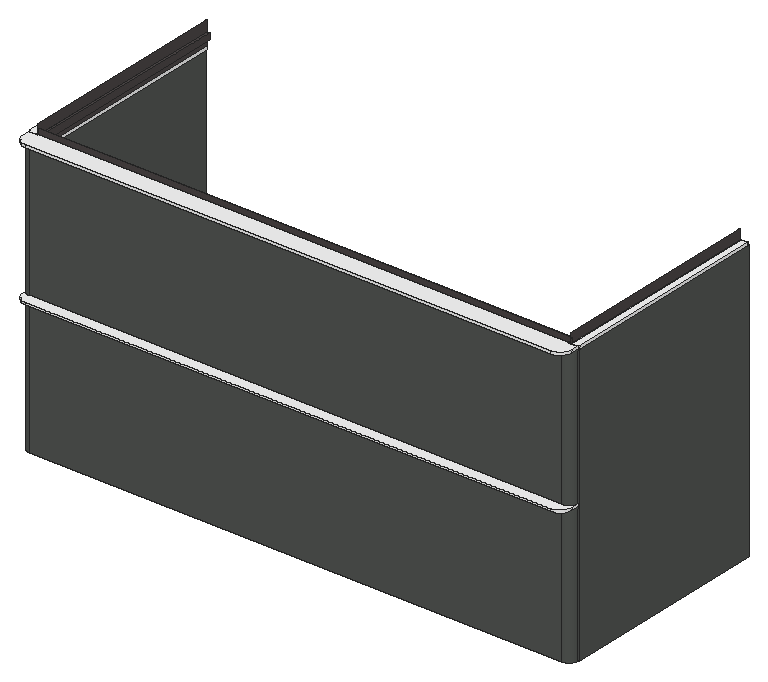
Revit family "vanity unit with 2 drawers", category Furniture, Revit 2019 (continued)
  Vanity unit 780_475 with 2 drawers for washbasin-54029670-Natural Oak-MATT_BLACK-200 | "33.3" | no | no | no | no | no | no | no | no | no | no | no | no | no | no | no | no | no | no | no | no | no | no | no | no | no | no | no | no | no | no | no | no | no | yes | no | no | no | no | no | no | no | no | no | no | no | no | no | no | no | no | no | no | no | no | no | no | no | no | no | no | no | no | no | no | no | no | no | no | no | no | no | no | no | no | no | no | no | no | no | no | no | no | no | no | no | no | no | no | no | no | no | no | no | no | no | no | no | no | no | no | no | no | no | no | no | no | no | no | no | no | no | no | no | no | no | no | no | no | no | no | "MATT_BLACK" | "https://pro.hansgrohe.com/articledetail--54029000" | "54029XXX" | "Natural Oak" | "Vanity unit 780/475 with 2 drawers for washbasin-54029670-Natural Oak-MATT_BLACK-200" | "Xelu Q Vanity unit Natural Oak 780/475 with 2 drawers for washbasin" | "Vanity unit 780/475 with 2 drawers for washbasin-54029670-Natural Oak-MATT_BLACK-200" | "{$CADENAS_DATA/23d-libs/hansgrohe/xelu_furniture/vanity_unit_2_drawers_basin/vanity_unit_with_2_drawers_for_basin.prj},337 {VTYP=3D},{NB=Vanity unit 780/475 with 2 drawers for washbasin-54029670-Natural Oak-MATT_BLACK-200},{LINA=Vanity unit 780/475 with 2 drawers for washbasin-54029670-Natural Oak-MATT_BLACK-200},{NN=Vanity Unit with 2 Drawers},{DATE=10.03.2023 08:13:12},{GEOMDATE=08.03.2023 13:51:26},{VERSION=},{LINEID=320},{WBVAR=LODLEVEL},{WBNUMERIC=}  {NB=Vanity unit 780/475 with 2 drawers for washbasin-54029670-Natural Oak-MATT_BLACK-200},{LINA=Vanity unit 780/475 with 2 drawers for washbasin-54029670-Natural Oak-MATT_BLACK-200},{KT=DUMMY},{IDNR=32},{ARTNR=54029670},{BASENUMBER=Vanity unit 780/475 with 2 drawers for washbasin},{MODEL=54029XXX},{OBERFLAECHE=Natural Oak},{SURFACE=MATT_BLACK},{L=780},{LODLEVEL=200},{LODLEVELX='400','400','200','200'},{NAME=Xelu Q Vanity unit Natural Oak 780/475 with 2 drawers for washbasin},{PERMALINK=54029XXX},{OBJECTTYPE=Object (single object)},{BIMOBJECT=Sanitary: Compound units},{PRODUCTFAMILY=Xelu Q},{PRODUCTGROUP=vanity unit},{WEIGHT=33.3},{DESCRIPTION=Xelu Q Vanity unit Natural Oak 780/475 with 2 drawers for washbasin},{SPECIFICATION=},{PRODUCTURL=https://pro.hansgrohe.com/articledetail--54029000},{GTINCODE=4059625455487},{TENDERURL=},{IFC=Furnishing element},{ETIM=EC011381 | Bathroom furniture set},{UNICLASS2015=Pr_40_30_78_05 | Bathroom furniture},{OMNICLASS=23-21 19 15 33 13 | Residential Bathroom Specialty Casework},{MASTERFORMAT=12 35 30.23 | Bathroom Casework},{UNSPSC=56 | Furniture and Furnishings},{UNIFORMATII=E2010 | Fixed Furnishings},{REGIONSET=Worldwide},{DESIGN=Germany},{MANUFACTURER=Germany}" | "200" | "Vanity unit 780/475 with 2 drawers for washbasin-54029670-Natural Oak-MATT_BLACK-200" | 780 | "4059625455487" | "Vanity unit 780/475 with 2 drawers for washbasin" | "54029670"
  Vanity unit 780_475 with 2 drawers for washbasin-54029670-Natural Oak-MATT_BLACK-400 | "33.3" | no | no | no | no | no | no | no | no | no | no | no | no | no | no | no | no | no | no | no | no | no | no | no | no | no | no | no | no | no | no | no | no | yes | no | no | no | no | no | no | no | no | no | no | no | no | no | no | no | no | no | no | no | no | no | no | no | no | no | no | no | no | no | no | no | no | no | no | no | no | no | no | no | no | no | no | no | no | no | no | no | no | no | no | no | no | no | no | no | no | no | no | no | no | no | no | no | no | no | no | no | no | no | no | no | no | no | no | no | no | no | no | no | no | no | no | no | no | no | no | no | "MATT_BLACK" | "https://pro.hansgrohe.com/articledetail--54029000" | "54029XXX" | "Natural Oak" | "Vanity unit 780/475 with 2 drawers for washbasin-54029670-Natural Oak-MATT_BLACK-400" | "Xelu Q Vanity unit Natural Oak 780/475 with 2 drawers for washbasin" | "Vanity unit 780/475 with 2 drawers for washbasin-54029670-Natural Oak-MATT_BLACK-400" | "{$CADENAS_DATA/23d-libs/hansgrohe/xelu_furniture/vanity_unit_2_drawers_basin/vanity_unit_with_2_drawers_for_basin.prj},337 {VTYP=3D},{NB=Vanity unit 780/475 with 2 drawers for washbasin-54029670-Natural Oak-MATT_BLACK-400},{LINA=Vanity unit 780/475 with 2 drawers for washbasin-54029670-Natural Oak-MATT_BLACK-400},{NN=Vanity Unit with 2 Drawers},{DATE=10.03.2023 08:13:12},{GEOMDATE=08.03.2023 13:51:26},{VERSION=},{LINEID=320},{WBVAR=LODLEVEL},{WBNUMERIC=}  {NB=Vanity unit 780/475 with 2 drawers for washbasin-54029670-Natural Oak-MATT_BLACK-400},{LINA=Vanity unit 780/475 with 2 drawers for washbasin-54029670-Natural Oak-MATT_BLACK-400},{KT=DUMMY},{IDNR=32},{ARTNR=54029670},{BASENUMBER=Vanity unit 780/475 with 2 drawers for washbasin},{MODEL=54029XXX},{OBERFLAECHE=Natural Oak},{SURFACE=MATT_BLACK},{L=780},{LODLEVEL=400},{LODLEVELX='400','400','200','200'},{NAME=Xelu Q Vanity unit Natural Oak 780/475 with 2 drawers for washbasin},{PERMALINK=54029XXX},{OBJECTTYPE=Object (single object)},{BIMOBJECT=Sanitary: Compound units},{PRODUCTFAMILY=Xelu Q},{PRODUCTGROUP=vanity unit},{WEIGHT=33.3},{DESCRIPTION=Xelu Q Vanity unit Natural Oak 780/475 with 2 drawers for washbasin},{SPECIFICATION=},{PRODUCTURL=https://pro.hansgrohe.com/articledetail--54029000},{GTINCODE=4059625455487},{TENDERURL=},{IFC=Furnishing element},{ETIM=EC011381 | Bathroom furniture set},{UNICLASS2015=Pr_40_30_78_05 | Bathroom furniture},{OMNICLASS=23-21 19 15 33 13 | Residential Bathroom Specialty Casework},{MASTERFORMAT=12 35 30.23 | Bathroom Casework},{UNSPSC=56 | Furniture and Furnishings},{UNIFORMATII=E2010 | Fixed Furnishings},{REGIONSET=Worldwide},{DESIGN=Germany},{MANUFACTURER=Germany}" | "400" | "Vanity unit 780/475 with 2 drawers for washbasin-54029670-Natural Oak-MATT_BLACK-400" | 780 | "4059625455487" | "Vanity unit 780/475 with 2 drawers for washbasin" | "54029670"
  Vanity unit 780_475 with 2 drawers for washbasin-54029700-Natural Oak-MATT_WHITE-200 | "33.3" | no | no | no | no | no | no | no | no | no | no | no | no | no | no | no | no | no | no | no | no | no | no | no | no | no | no | no | no | no | no | no | yes | no | no | no | no | no | no | no | no | no | no | no | no | no | no | no | no | no | no | no | no | no | no | no | no | no | no | no | no | no | no | no | no | no | no | no | no | no | no | no | no | no | no | no | no | no | no | no | no | no | no | no | no | no | no | no | no | no | no | no | no | no | no | no | no | no | no | no | no | no | no | no | no | no | no | no | no | no | no | no | no | no | no | no | no | no | no | no | no | "MATT_WHITE" | "https://pro.hansgrohe.com/articledetail--54029000" | "54029XXX" | "Natural Oak" | "Vanity unit 780/475 with 2 drawers for washbasin-54029700-Natural Oak-MATT_WHITE-200" | "Xelu Q Vanity unit Natural Oak 780/475 with 2 drawers for washbasin" | "Vanity unit 780/475 with 2 drawers for washbasin-54029700-Natural Oak-MATT_WHITE-200" | "{$CADENAS_DATA/23d-libs/hansgrohe/xelu_furniture/vanity_unit_2_drawers_basin/vanity_unit_with_2_drawers_for_basin.prj},337 {VTYP=3D},{NB=Vanity unit 780/475 with 2 drawers for washbasin-54029700-Natural Oak-MATT_WHITE-200},{LINA=Vanity unit 780/475 with 2 drawers for washbasin-54029700-Natural Oak-MATT_WHITE-200},{NN=Vanity Unit with 2 Drawers},{DATE=10.03.2023 08:13:12},{GEOMDATE=08.03.2023 13:51:26},{VERSION=},{LINEID=330},{WBVAR=LODLEVEL},{WBNUMERIC=}  {NB=Vanity unit 780/475 with 2 drawers for washbasin-54029700-Natural Oak-MATT_WHITE-200},{LINA=Vanity unit 780/475 with 2 drawers for washbasin-54029700-Natural Oak-MATT_WHITE-200},{KT=DUMMY},{IDNR=33},{ARTNR=54029700},{BASENUMBER=Vanity unit 780/475 with 2 drawers for washbasin},{MODEL=54029XXX},{OBERFLAECHE=Natural Oak},{SURFACE=MATT_WHITE},{L=780},{LODLEVEL=200},{LODLEVELX='400','400','200','200'},{NAME=Xelu Q Vanity unit Natural Oak 780/475 with 2 drawers for washbasin},{PERMALINK=54029XXX},{OBJECTTYPE=Object (single object)},{BIMOBJECT=Sanitary: Compound units},{PRODUCTFAMILY=Xelu Q},{PRODUCTGROUP=vanity unit},{WEIGHT=33.3},{DESCRIPTION=Xelu Q Vanity unit Natural Oak 780/475 with 2 drawers for washbasin},{SPECIFICATION=},{PRODUCTURL=https://pro.hansgrohe.com/articledetail--54029000},{GTINCODE=4059625455487},{TENDERURL=},{IFC=Furnishing element},{ETIM=EC011381 | Bathroom furniture set},{UNICLASS2015=Pr_40_30_78_05 | Bathroom furniture},{OMNICLASS=23-21 19 15 33 13 | Residential Bathroom Specialty Casework},{MASTERFORMAT=12 35 30.23 | Bathroom Casework},{UNSPSC=56 | Furniture and Furnishings},{UNIFORMATII=E2010 | Fixed Furnishings},{REGIONSET=Worldwide},{DESIGN=Germany},{MANUFACTURER=Germany}" | "200" | "Vanity unit 780/475 with 2 drawers for washbasin-54029700-Natural Oak-MATT_WHITE-200" | 780 | "4059625455487" | "Vanity unit 780/475 with 2 drawers for washbasin" | "54029700"
  Vanity unit 780_475 with 2 drawers for washbasin-54029700-Natural Oak-MATT_WHITE-400 | "33.3" | no | no | no | no | no | no | no | no | no | no | no | no | no | no | no | no | no | no | no | no | no | no | no | no | no | no | no | no | no | no | yes | no | no | no | no | no | no | no | no | no | no | no | no | no | no | no | no | no | no | no | no | no | no | no | no | no | no | no | no | no | no | no | no | no | no | no | no | no | no | no | no | no | no | no | no | no | no | no | no | no | no | no | no | no | no | no | no | no | no | no | no | no | no | no | no | no | no | no | no | no | no | no | no | no | no | no | no | no | no | no | no | no | no | no | no | no | no | no | no | no | "MATT_WHITE" | "https://pro.hansgrohe.com/articledetail--54029000" | "54029XXX" | "Natural Oak" | "Vanity unit 780/475 with 2 drawers for washbasin-54029700-Natural Oak-MATT_WHITE-400" | "Xelu Q Vanity unit Natural Oak 780/475 with 2 drawers for washbasin" | "Vanity unit 780/475 with 2 drawers for washbasin-54029700-Natural Oak-MATT_WHITE-400" | "{$CADENAS_DATA/23d-libs/hansgrohe/xelu_furniture/vanity_unit_2_drawers_basin/vanity_unit_with_2_drawers_for_basin.prj},337 {VTYP=3D},{NB=Vanity unit 780/475 with 2 drawers for washbasin-54029700-Natural Oak-MATT_WHITE-400},{LINA=Vanity unit 780/475 with 2 drawers for washbasin-54029700-Natural Oak-MATT_WHITE-400},{NN=Vanity Unit with 2 Drawers},{DATE=10.03.2023 08:13:12},{GEOMDATE=08.03.2023 13:51:26},{VERSION=},{LINEID=330},{WBVAR=LODLEVEL},{WBNUMERIC=}  {NB=Vanity unit 780/475 with 2 drawers for washbasin-54029700-Natural Oak-MATT_WHITE-400},{LINA=Vanity unit 780/475 with 2 drawers for washbasin-54029700-Natural Oak-MATT_WHITE-400},{KT=DUMMY},{IDNR=33},{ARTNR=54029700},{BASENUMBER=Vanity unit 780/475 with 2 drawers for washbasin},{MODEL=54029XXX},{OBERFLAECHE=Natural Oak},{SURFACE=MATT_WHITE},{L=780},{LODLEVEL=400},{LODLEVELX='400','400','200','200'},{NAME=Xelu Q Vanity unit Natural Oak 780/475 with 2 drawers for washbasin},{PERMALINK=54029XXX},{OBJECTTYPE=Object (single object)},{BIMOBJECT=Sanitary: Compound units},{PRODUCTFAMILY=Xelu Q},{PRODUCTGROUP=vanity unit},{WEIGHT=33.3},{DESCRIPTION=Xelu Q Vanity unit Natural Oak 780/475 with 2 drawers for washbasin},{SPECIFICATION=},{PRODUCTURL=https://pro.hansgrohe.com/articledetail--54029000},{GTINCODE=4059625455487},{TENDERURL=},{IFC=Furnishing element},{ETIM=EC011381 | Bathroom furniture set},{UNICLASS2015=Pr_40_30_78_05 | Bathroom furniture},{OMNICLASS=23-21 19 15 33 13 | Residential Bathroom Specialty Casework},{MASTERFORMAT=12 35 30.23 | Bathroom Casework},{UNSPSC=56 | Furniture and Furnishings},{UNIFORMATII=E2010 | Fixed Furnishings},{REGIONSET=Worldwide},{DESIGN=Germany},{MANUFACTURER=Germany}" | "400" | "Vanity unit 780/475 with 2 drawers for washbasin-54029700-Natural Oak-MATT_WHITE-400" | 780 | "4059625455487" | "Vanity unit 780/475 with 2 drawers for washbasin" | "54029700"
  Vanity unit 780_475 with 2 drawers for washbasin-54030000-Dark Walnut-CHROME-200 | "33.3" | no | no | no | no | no | no | no | no | no | no | no | no | no | no | no | no | no | no | no | no | no | no | no | no | no | no | no | no | no | yes | no | no | no | no | no | no | no | no | no | no | no | no | no | no | no | no | no | no | no | no | no | no | no | no | no | no | no | no | no | no | no | no | no | no | no | no | no | no | no | no | no | no | no | no | no | no | no | no | no | no | no | no | no | no | no | no | no | no | no | no | no | no | no | no | no | no | no | no | no | no | no | no | no | no | no | no | no | no | no | no | no | no | no | no | no | no | no | no | no | no | "CHROME" | "https://pro.hansgrohe.com/articledetail--54030000" | "54030XXX" | "Dark Walnut" | "Vanity unit 780/475 with 2 drawers for washbasin-54030000-Dark Walnut-CHROME-200" | "Xelu Q Vanity unit Dark Walnut 780/475 with 2 drawers for washbasin" | "Vanity unit 780/475 with 2 drawers for washbasin-54030000-Dark Walnut-CHROME-200" | "{$CADENAS_DATA/23d-libs/hansgrohe/xelu_furniture/vanity_unit_2_drawers_basin/vanity_unit_with_2_drawers_for_basin.prj},329 {VTYP=3D},{NB=Vanity unit 780/475 with 2 drawers for washbasin-54030000-Dark Walnut-CHROME-200},{LINA=Vanity unit 780/475 with 2 drawers for washbasin-54030000-Dark Walnut-CHROME-200},{NN=Vanity Unit with 2 Drawers},{DATE=10.03.2023 08:13:12},{GEOMDATE=08.03.2023 13:51:26},{VERSION=},{LINEID=360},{WBVAR=LODLEVEL},{WBNUMERIC=}  {NB=Vanity unit 780/475 with 2 drawers for washbasin-54030000-Dark Walnut-CHROME-200},{LINA=Vanity unit 780/475 with 2 drawers for washbasin-54030000-Dark Walnut-CHROME-200},{KT=DUMMY},{IDNR=36},{ARTNR=54030000},{BASENUMBER=Vanity unit 780/475 with 2 drawers for washbasin},{MODEL=54030XXX},{OBERFLAECHE=Dark Walnut},{SURFACE=CHROME},{L=780},{LODLEVEL=200},{LODLEVELX='400','400','200','200'},{NAME=Xelu Q Vanity unit Dark Walnut 780/475 with 2 drawers for washbasin},{PERMALINK=54030XXX},{OBJECTTYPE=Object (single object)},{BIMOBJECT=Sanitary: Compound units},{PRODUCTFAMILY=Xelu Q},{PRODUCTGROUP=vanity unit},{WEIGHT=33.3},{DESCRIPTION=Xelu Q Vanity unit Dark Walnut 780/475 with 2 drawers for washbasin},{SPECIFICATION=},{PRODUCTURL=https://pro.hansgrohe.com/articledetail--54030000},{GTINCODE=4059625455456},{TENDERURL=},{IFC=Furnishing element},{ETIM=EC011381 | Bathroom furniture set},{UNICLASS2015=Pr_40_30_78_05 | Bathroom furniture},{OMNICLASS=23-21 19 15 33 13 | Residential Bathroom Specialty Casework},{MASTERFORMAT=12 35 30.23 | Bathroom Casework},{UNSPSC=56 | Furniture and Furnishings},{UNIFORMATII=E2010 | Fixed Furnishings},{REGIONSET=Worldwide},{DESIGN=Germany},{MANUFACTURER=Germany}" | "200" | "Vanity unit 780/475 with 2 drawers for washbasin-54030000-Dark Walnut-CHROME-200" | 780 | "4059625455456" | "Vanity unit 780/475 with 2 drawers for washbasin" | "54030000"
  Vanity unit 780_475 with 2 drawers for washbasin-54030000-Dark Walnut-CHROME-400 | "33.3" | no | no | no | no | no | no | no | no | no | no | no | no | no | no | no | no | no | no | no | no | no | no | no | no | no | no | no | no | yes | no | no | no | no | no | no | no | no | no | no | no | no | no | no | no | no | no | no | no | no | no | no | no | no | no | no | no | no | no | no | no | no | no | no | no | no | no | no | no | no | no | no | no | no | no | no | no | no | no | no | no | no | no | no | no | no | no | no | no | no | no | no | no | no | no | no | no | no | no | no | no | no | no | no | no | no | no | no | no | no | no | no | no | no | no | no | no | no | no | no | no | "CHROME" | "https://pro.hansgrohe.com/articledetail--54030000" | "54030XXX" | "Dark Walnut" | "Vanity unit 780/475 with 2 drawers for washbasin-54030000-Dark Walnut-CHROME-400" | "Xelu Q Vanity unit Dark Walnut 780/475 with 2 drawers for washbasin" | "Vanity unit 780/475 with 2 drawers for washbasin-54030000-Dark Walnut-CHROME-400" | "{$CADENAS_DATA/23d-libs/hansgrohe/xelu_furniture/vanity_unit_2_drawers_basin/vanity_unit_with_2_drawers_for_basin.prj},329 {VTYP=3D},{NB=Vanity unit 780/475 with 2 drawers for washbasin-54030000-Dark Walnut-CHROME-400},{LINA=Vanity unit 780/475 with 2 drawers for washbasin-54030000-Dark Walnut-CHROME-400},{NN=Vanity Unit with 2 Drawers},{DATE=10.03.2023 08:13:12},{GEOMDATE=08.03.2023 13:51:26},{VERSION=},{LINEID=360},{WBVAR=LODLEVEL},{WBNUMERIC=}  {NB=Vanity unit 780/475 with 2 drawers for washbasin-54030000-Dark Walnut-CHROME-400},{LINA=Vanity unit 780/475 with 2 drawers for washbasin-54030000-Dark Walnut-CHROME-400},{KT=DUMMY},{IDNR=36},{ARTNR=54030000},{BASENUMBER=Vanity unit 780/475 with 2 drawers for washbasin},{MODEL=54030XXX},{OBERFLAECHE=Dark Walnut},{SURFACE=CHROME},{L=780},{LODLEVEL=400},{LODLEVELX='400','400','200','200'},{NAME=Xelu Q Vanity unit Dark Walnut 780/475 with 2 drawers for washbasin},{PERMALINK=54030XXX},{OBJECTTYPE=Object (single object)},{BIMOBJECT=Sanitary: Compound units},{PRODUCTFAMILY=Xelu Q},{PRODUCTGROUP=vanity unit},{WEIGHT=33.3},{DESCRIPTION=Xelu Q Vanity unit Dark Walnut 780/475 with 2 drawers for washbasin},{SPECIFICATION=},{PRODUCTURL=https://pro.hansgrohe.com/articledetail--54030000},{GTINCODE=4059625455456},{TENDERURL=},{IFC=Furnishing element},{ETIM=EC011381 | Bathroom furniture set},{UNICLASS2015=Pr_40_30_78_05 | Bathroom furniture},{OMNICLASS=23-21 19 15 33 13 | Residential Bathroom Specialty Casework},{MASTERFORMAT=12 35 30.23 | Bathroom Casework},{UNSPSC=56 | Furniture and Furnishings},{UNIFORMATII=E2010 | Fixed Furnishings},{REGIONSET=Worldwide},{DESIGN=Germany},{MANUFACTURER=Germany}" | "400" | "Vanity unit 780/475 with 2 drawers for washbasin-54030000-Dark Walnut-CHROME-400" | 780 | "4059625455456" | "Vanity unit 780/475 with 2 drawers for washbasin" | "54030000"
  Vanity unit 780_475 with 2 drawers for washbasin-54030670-Dark Walnut-MATT_BLACK-200 | "33.3" | no | no | no | no | no | no | no | no | no | no | no | no | no | no | no | no | no | no | no | no | no | no | no | no | no | no | no | yes | no | no | no | no | no | no | no | no | no | no | no | no | no | no | no | no | no | no | no | no | no | no | no | no | no | no | no | no | no | no | no | no | no | no | no | no | no | no | no | no | no | no | no | no | no | no | no | no | no | no | no | no | no | no | no | no | no | no | no | no | no | no | no | no | no | no | no | no | no | no | no | no | no | no | no | no | no | no | no | no | no | no | no | no | no | no | no | no | no | no | no | no | "MATT_BLACK" | "https://pro.hansgrohe.com/articledetail--54030000" | "54030XXX" | "Dark Walnut" | "Vanity unit 780/475 with 2 drawers for washbasin-54030670-Dark Walnut-MATT_BLACK-200" | "Xelu Q Vanity unit Dark Walnut 780/475 with 2 drawers for washbasin" | "Vanity unit 780/475 with 2 drawers for washbasin-54030670-Dark Walnut-MATT_BLACK-200" | "{$CADENAS_DATA/23d-libs/hansgrohe/xelu_furniture/vanity_unit_2_drawers_basin/vanity_unit_with_2_drawers_for_basin.prj},337 {VTYP=3D},{NB=Vanity unit 780/475 with 2 drawers for washbasin-54030670-Dark Walnut-MATT_BLACK-200},{LINA=Vanity unit 780/475 with 2 drawers for washbasin-54030670-Dark Walnut-MATT_BLACK-200},{NN=Vanity Unit with 2 Drawers},{DATE=10.03.2023 08:13:12},{GEOMDATE=08.03.2023 13:51:26},{VERSION=},{LINEID=350},{WBVAR=LODLEVEL},{WBNUMERIC=}  {NB=Vanity unit 780/475 with 2 drawers for washbasin-54030670-Dark Walnut-MATT_BLACK-200},{LINA=Vanity unit 780/475 with 2 drawers for washbasin-54030670-Dark Walnut-MATT_BLACK-200},{KT=DUMMY},{IDNR=35},{ARTNR=54030670},{BASENUMBER=Vanity unit 780/475 with 2 drawers for washbasin},{MODEL=54030XXX},{OBERFLAECHE=Dark Walnut},{SURFACE=MATT_BLACK},{L=780},{LODLEVEL=200},{LODLEVELX='400','400','200','200'},{NAME=Xelu Q Vanity unit Dark Walnut 780/475 with 2 drawers for washbasin},{PERMALINK=54030XXX},{OBJECTTYPE=Object (single object)},{BIMOBJECT=Sanitary: Compound units},{PRODUCTFAMILY=Xelu Q},{PRODUCTGROUP=vanity unit},{WEIGHT=33.3},{DESCRIPTION=Xelu Q Vanity unit Dark Walnut 780/475 with 2 drawers for washbasin},{SPECIFICATION=},{PRODUCTURL=https://pro.hansgrohe.com/articledetail--54030000},{GTINCODE=4059625455456},{TENDERURL=},{IFC=Furnishing element},{ETIM=EC011381 | Bathroom furniture set},{UNICLASS2015=Pr_40_30_78_05 | Bathroom furniture},{OMNICLASS=23-21 19 15 33 13 | Residential Bathroom Specialty Casework},{MASTERFORMAT=12 35 30.23 | Bathroom Casework},{UNSPSC=56 | Furniture and Furnishings},{UNIFORMATII=E2010 | Fixed Furnishings},{REGIONSET=Worldwide},{DESIGN=Germany},{MANUFACTURER=Germany}" | "200" | "Vanity unit 780/475 with 2 drawers for washbasin-54030670-Dark Walnut-MATT_BLACK-200" | 780 | "4059625455456" | "Vanity unit 780/475 with 2 drawers for washbasin" | "54030670"
  Vanity unit 780_475 with 2 drawers for washbasin-54030670-Dark Walnut-MATT_BLACK-400 | "33.3" | no | no | no | no | no | no | no | no | no | no | no | no | no | no | no | no | no | no | no | no | no | no | no | no | no | no | yes | no | no | no | no | no | no | no | no | no | no | no | no | no | no | no | no | no | no | no | no | no | no | no | no | no | no | no | no | no | no | no | no | no | no | no | no | no | no | no | no | no | no | no | no | no | no | no | no | no | no | no | no | no | no | no | no | no | no | no | no | no | no | no | no | no | no | no | no | no | no | no | no | no | no | no | no | no | no | no | no | no | no | no | no | no | no | no | no | no | no | no | no | no | "MATT_BLACK" | "https://pro.hansgrohe.com/articledetail--54030000" | "54030XXX" | "Dark Walnut" | "Vanity unit 780/475 with 2 drawers for washbasin-54030670-Dark Walnut-MATT_BLACK-400" | "Xelu Q Vanity unit Dark Walnut 780/475 with 2 drawers for washbasin" | "Vanity unit 780/475 with 2 drawers for washbasin-54030670-Dark Walnut-MATT_BLACK-400" | "{$CADENAS_DATA/23d-libs/hansgrohe/xelu_furniture/vanity_unit_2_drawers_basin/vanity_unit_with_2_drawers_for_basin.prj},337 {VTYP=3D},{NB=Vanity unit 780/475 with 2 drawers for washbasin-54030670-Dark Walnut-MATT_BLACK-400},{LINA=Vanity unit 780/475 with 2 drawers for washbasin-54030670-Dark Walnut-MATT_BLACK-400},{NN=Vanity Unit with 2 Drawers},{DATE=10.03.2023 08:13:12},{GEOMDATE=08.03.2023 13:51:26},{VERSION=},{LINEID=350},{WBVAR=LODLEVEL},{WBNUMERIC=}  {NB=Vanity unit 780/475 with 2 drawers for washbasin-54030670-Dark Walnut-MATT_BLACK-400},{LINA=Vanity unit 780/475 with 2 drawers for washbasin-54030670-Dark Walnut-MATT_BLACK-400},{KT=DUMMY},{IDNR=35},{ARTNR=54030670},{BASENUMBER=Vanity unit 780/475 with 2 drawers for washbasin},{MODEL=54030XXX},{OBERFLAECHE=Dark Walnut},{SURFACE=MATT_BLACK},{L=780},{LODLEVEL=400},{LODLEVELX='400','400','200','200'},{NAME=Xelu Q Vanity unit Dark Walnut 780/475 with 2 drawers for washbasin},{PERMALINK=54030XXX},{OBJECTTYPE=Object (single object)},{BIMOBJECT=Sanitary: Compound units},{PRODUCTFAMILY=Xelu Q},{PRODUCTGROUP=vanity unit},{WEIGHT=33.3},{DESCRIPTION=Xelu Q Vanity unit Dark Walnut 780/475 with 2 drawers for washbasin},{SPECIFICATION=},{PRODUCTURL=https://pro.hansgrohe.com/articledetail--54030000},{GTINCODE=4059625455456},{TENDERURL=},{IFC=Furnishing element},{ETIM=EC011381 | Bathroom furniture set},{UNICLASS2015=Pr_40_30_78_05 | Bathroom furniture},{OMNICLASS=23-21 19 15 33 13 | Residential Bathroom Specialty Casework},{MASTERFORMAT=12 35 30.23 | Bathroom Casework},{UNSPSC=56 | Furniture and Furnishings},{UNIFORMATII=E2010 | Fixed Furnishings},{REGIONSET=Worldwide},{DESIGN=Germany},{MANUFACTURER=Germany}" | "400" | "Vanity unit 780/475 with 2 drawers for washbasin-54030670-Dark Walnut-MATT_BLACK-400" | 780 | "4059625455456" | "Vanity unit 780/475 with 2 drawers for washbasin" | "54030670"
  Vanity unit 780_475 with 2 drawers for washbasin-54030700-Dark Walnut-MATT_WHITE-200 | "33.3" | no | no | no | no | no | no | no | no | no | no | no | no | no | no | no | no | no | no | no | no | no | no | no | no | no | yes | no | no | no | no | no | no | no | no | no | no | no | no | no | no | no | no | no | no | no | no | no | no | no | no | no | no | no | no | no | no | no | no | no | no | no | no | no | no | no | no | no | no | no | no | no | no | no | no | no | no | no | no | no | no | no | no | no | no | no | no | no | no | no | no | no | no | no | no | no | no | no | no | no | no | no | no | no | no | no | no | no | no | no | no | no | no | no | no | no | no | no | no | no | no | "MATT_WHITE" | "https://pro.hansgrohe.com/articledetail--54030000" | "54030XXX" | "Dark Walnut" | "Vanity unit 780/475 with 2 drawers for washbasin-54030700-Dark Walnut-MATT_WHITE-200" | "Xelu Q Vanity unit Dark Walnut 780/475 with 2 drawers for washbasin" | "Vanity unit 780/475 with 2 drawers for washbasin-54030700-Dark Walnut-MATT_WHITE-200" | "{$CADENAS_DATA/23d-libs/hansgrohe/xelu_furniture/vanity_unit_2_drawers_basin/vanity_unit_with_2_drawers_for_basin.prj},337 {VTYP=3D},{NB=Vanity unit 780/475 with 2 drawers for washbasin-54030700-Dark Walnut-MATT_WHITE-200},{LINA=Vanity unit 780/475 with 2 drawers for washbasin-54030700-Dark Walnut-MATT_WHITE-200},{NN=Vanity Unit with 2 Drawers},{DATE=10.03.2023 08:13:12},{GEOMDATE=08.03.2023 13:51:26},{VERSION=},{LINEID=340},{WBVAR=LODLEVEL},{WBNUMERIC=}  {NB=Vanity unit 780/475 with 2 drawers for washbasin-54030700-Dark Walnut-MATT_WHITE-200},{LINA=Vanity unit 780/475 with 2 drawers for washbasin-54030700-Dark Walnut-MATT_WHITE-200},{KT=DUMMY},{IDNR=34},{ARTNR=54030700},{BASENUMBER=Vanity unit 780/475 with 2 drawers for washbasin},{MODEL=54030XXX},{OBERFLAECHE=Dark Walnut},{SURFACE=MATT_WHITE},{L=780},{LODLEVEL=200},{LODLEVELX='400','400','200','200'},{NAME=Xelu Q Vanity unit Dark Walnut 780/475 with 2 drawers for washbasin},{PERMALINK=54030XXX},{OBJECTTYPE=Object (single object)},{BIMOBJECT=Sanitary: Compound units},{PRODUCTFAMILY=Xelu Q},{PRODUCTGROUP=vanity unit},{WEIGHT=33.3},{DESCRIPTION=Xelu Q Vanity unit Dark Walnut 780/475 with 2 drawers for washbasin},{SPECIFICATION=},{PRODUCTURL=https://pro.hansgrohe.com/articledetail--54030000},{GTINCODE=4059625455456},{TENDERURL=},{IFC=Furnishing element},{ETIM=EC011381 | Bathroom furniture set},{UNICLASS2015=Pr_40_30_78_05 | Bathroom furniture},{OMNICLASS=23-21 19 15 33 13 | Residential Bathroom Specialty Casework},{MASTERFORMAT=12 35 30.23 | Bathroom Casework},{UNSPSC=56 | Furniture and Furnishings},{UNIFORMATII=E2010 | Fixed Furnishings},{REGIONSET=Worldwide},{DESIGN=Germany},{MANUFACTURER=Germany}" | "200" | "Vanity unit 780/475 with 2 drawers for washbasin-54030700-Dark Walnut-MATT_WHITE-200" | 780 | "4059625455456" | "Vanity unit 780/475 with 2 drawers for washbasin" | "54030700"
  Vanity unit 780_475 with 2 drawers for washbasin-54030700-Dark Walnut-MATT_WHITE-400 | "33.3" | no | no | no | no | no | no | no | no | no | no | no | no | no | no | no | no | no | no | no | no | no | no | no | no | yes | no | no | no | no | no | no | no | no | no | no | no | no | no | no | no | no | no | no | no | no | no | no | no | no | no | no | no | no | no | no | no | no | no | no | no | no | no | no | no | no | no | no | no | no | no | no | no | no | no | no | no | no | no | no | no | no | no | no | no | no | no | no | no | no | no | no | no | no | no | no | no | no | no | no | no | no | no | no | no | no | no | no | no | no | no | no | no | no | no | no | no | no | no | no | no | "MATT_WHITE" | "https://pro.hansgrohe.com/articledetail--54030000" | "54030XXX" | "Dark Walnut" | "Vanity unit 780/475 with 2 drawers for washbasin-54030700-Dark Walnut-MATT_WHITE-400" | "Xelu Q Vanity unit Dark Walnut 780/475 with 2 drawers for washbasin" | "Vanity unit 780/475 with 2 drawers for washbasin-54030700-Dark Walnut-MATT_WHITE-400" | "{$CADENAS_DATA/23d-libs/hansgrohe/xelu_furniture/vanity_unit_2_drawers_basin/vanity_unit_with_2_drawers_for_basin.prj},337 {VTYP=3D},{NB=Vanity unit 780/475 with 2 drawers for washbasin-54030700-Dark Walnut-MATT_WHITE-400},{LINA=Vanity unit 780/475 with 2 drawers for washbasin-54030700-Dark Walnut-MATT_WHITE-400},{NN=Vanity Unit with 2 Drawers},{DATE=10.03.2023 08:13:12},{GEOMDATE=08.03.2023 13:51:26},{VERSION=},{LINEID=340},{WBVAR=LODLEVEL},{WBNUMERIC=}  {NB=Vanity unit 780/475 with 2 drawers for washbasin-54030700-Dark Walnut-MATT_WHITE-400},{LINA=Vanity unit 780/475 with 2 drawers for washbasin-54030700-Dark Walnut-MATT_WHITE-400},{KT=DUMMY},{IDNR=34},{ARTNR=54030700},{BASENUMBER=Vanity unit 780/475 with 2 drawers for washbasin},{MODEL=54030XXX},{OBERFLAECHE=Dark Walnut},{SURFACE=MATT_WHITE},{L=780},{LODLEVEL=400},{LODLEVELX='400','400','200','200'},{NAME=Xelu Q Vanity unit Dark Walnut 780/475 with 2 drawers for washbasin},{PERMALINK=54030XXX},{OBJECTTYPE=Object (single object)},{BIMOBJECT=Sanitary: Compound units},{PRODUCTFAMILY=Xelu Q},{PRODUCTGROUP=vanity unit},{WEIGHT=33.3},{DESCRIPTION=Xelu Q Vanity unit Dark Walnut 780/475 with 2 drawers for washbasin},{SPECIFICATION=},{PRODUCTURL=https://pro.hansgrohe.com/articledetail--54030000},{GTINCODE=4059625455456},{TENDERURL=},{IFC=Furnishing element},{ETIM=EC011381 | Bathroom furniture set},{UNICLASS2015=Pr_40_30_78_05 | Bathroom furniture},{OMNICLASS=23-21 19 15 33 13 | Residential Bathroom Specialty Casework},{MASTERFORMAT=12 35 30.23 | Bathroom Casework},{UNSPSC=56 | Furniture and Furnishings},{UNIFORMATII=E2010 | Fixed Furnishings},{REGIONSET=Worldwide},{DESIGN=Germany},{MANUFACTURER=Germany}" | "400" | "Vanity unit 780/475 with 2 drawers for washbasin-54030700-Dark Walnut-MATT_WHITE-400" | 780 | "4059625455456" | "Vanity unit 780/475 with 2 drawers for washbasin" | "54030700"
  Vanity unit 980_475 with 2 drawers for washbasin-54031000-High Gloss White-CHROME-200 | "39.8" | no | no | no | no | no | no | no | no | no | no | no | no | no | no | no | no | no | no | no | no | no | no | no | yes | no | no | no | no | no | no | no | no | no | no | no | no | no | no | no | no | no | no | no | no | no | no | no | no | no | no | no | no | no | no | no | no | no | no | no | no | no | no | no | no | no | no | no | no | no | no | no | no | no | no | no | no | no | no | no | no | no | no | no | no | no | no | no | no | no | no | no | no | no | no | no | no | no | no | no | no | no | no | no | no | no | no | no | no | no | no | no | no | no | no | no | no | no | no | no | no | "CHROME" | "https://pro.hansgrohe.com/articledetail--54031000" | "54031XXX" | "High Gloss White" | "Vanity unit 980/475 with 2 drawers for washbasin-54031000-High Gloss White-CHROME-200" | "Xelu Q Vanity unit High Gloss White 980/475 with 2 drawers for washbasin" | "Vanity unit 980/475 with 2 drawers for washbasin-54031000-High Gloss White-CHROME-200" | "{$CADENAS_DATA/23d-libs/hansgrohe/xelu_furniture/vanity_unit_2_drawers_basin/vanity_unit_with_2_drawers_for_basin.prj},339 {VTYP=3D},{NB=Vanity unit 980/475 with 2 drawers for washbasin-54031000-High Gloss White-CHROME-200},{LINA=Vanity unit 980/475 with 2 drawers for washbasin-54031000-High Gloss White-CHROME-200},{NN=Vanity Unit with 2 Drawers},{DATE=10.03.2023 08:13:12},{GEOMDATE=08.03.2023 13:51:26},{VERSION=},{LINEID=380},{WBVAR=LODLEVEL},{WBNUMERIC=}  {NB=Vanity unit 980/475 with 2 drawers for washbasin-54031000-High Gloss White-CHROME-200},{LINA=Vanity unit 980/475 with 2 drawers for washbasin-54031000-High Gloss White-CHROME-200},{KT=DUMMY},{IDNR=38},{ARTNR=54031000},{BASENUMBER=Vanity unit 980/475 with 2 drawers for washbasin},{MODEL=54031XXX},{OBERFLAECHE=High Gloss White},{SURFACE=CHROME},{L=980},{LODLEVEL=200},{LODLEVELX='400','400','200','200'},{NAME=Xelu Q Vanity unit High Gloss White 980/475 with 2 drawers for washbasin},{PERMALINK=54031XXX},{OBJECTTYPE=Object (single object)},{BIMOBJECT=Sanitary: Compound units},{PRODUCTFAMILY=Xelu Q},{PRODUCTGROUP=vanity unit},{WEIGHT=39.8},{DESCRIPTION=Xelu Q Vanity unit High Gloss White 980/475 with 2 drawers for washbasin},{SPECIFICATION=},{PRODUCTURL=https://pro.hansgrohe.com/articledetail--54031000},{GTINCODE=4059625455425},{TENDERURL=},{IFC=Furnishing element},{ETIM=EC011381 | Bathroom furniture set},{UNICLASS2015=Pr_40_30_78_05 | Bathroom furniture},{OMNICLASS=23-21 19 15 33 13 | Residential Bathroom Specialty Casework},{MASTERFORMAT=12 35 30.23 | Bathroom Casework},{UNSPSC=56 | Furniture and Furnishings},{UNIFORMATII=E2010 | Fixed Furnishings},{REGIONSET=Worldwide},{DESIGN=Germany},{MANUFACTURER=Germany}" | "200" | "Vanity unit 980/475 with 2 drawers for washbasin-54031000-High Gloss White-CHROME-200" | 980 | "4059625455425" | "Vanity unit 980/475 with 2 drawers for washbasin" | "54031000"
  Vanity unit 980_475 with 2 drawers for washbasin-54031000-High Gloss White-CHROME-400 | "39.8" | no | no | no | no | no | no | no | no | no | no | no | no | no | no | no | no | no | no | no | no | no | no | yes | no | no | no | no | no | no | no | no | no | no | no | no | no | no | no | no | no | no | no | no | no | no | no | no | no | no | no | no | no | no | no | no | no | no | no | no | no | no | no | no | no | no | no | no | no | no | no | no | no | no | no | no | no | no | no | no | no | no | no | no | no | no | no | no | no | no | no | no | no | no | no | no | no | no | no | no | no | no | no | no | no | no | no | no | no | no | no | no | no | no | no | no | no | no | no | no | no | "CHROME" | "https://pro.hansgrohe.com/articledetail--54031000" | "54031XXX" | "High Gloss White" | "Vanity unit 980/475 with 2 drawers for washbasin-54031000-High Gloss White-CHROME-400" | "Xelu Q Vanity unit High Gloss White 980/475 with 2 drawers for washbasin" | "Vanity unit 980/475 with 2 drawers for washbasin-54031000-High Gloss White-CHROME-400" | "{$CADENAS_DATA/23d-libs/hansgrohe/xelu_furniture/vanity_unit_2_drawers_basin/vanity_unit_with_2_drawers_for_basin.prj},339 {VTYP=3D},{NB=Vanity unit 980/475 with 2 drawers for washbasin-54031000-High Gloss White-CHROME-400},{LINA=Vanity unit 980/475 with 2 drawers for washbasin-54031000-High Gloss White-CHROME-400},{NN=Vanity Unit with 2 Drawers},{DATE=10.03.2023 08:13:12},{GEOMDATE=08.03.2023 13:51:26},{VERSION=},{LINEID=380},{WBVAR=LODLEVEL},{WBNUMERIC=}  {NB=Vanity unit 980/475 with 2 drawers for washbasin-54031000-High Gloss White-CHROME-400},{LINA=Vanity unit 980/475 with 2 drawers for washbasin-54031000-High Gloss White-CHROME-400},{KT=DUMMY},{IDNR=38},{ARTNR=54031000},{BASENUMBER=Vanity unit 980/475 with 2 drawers for washbasin},{MODEL=54031XXX},{OBERFLAECHE=High Gloss White},{SURFACE=CHROME},{L=980},{LODLEVEL=400},{LODLEVELX='400','400','200','200'},{NAME=Xelu Q Vanity unit High Gloss White 980/475 with 2 drawers for washbasin},{PERMALINK=54031XXX},{OBJECTTYPE=Object (single object)},{BIMOBJECT=Sanitary: Compound units},{PRODUCTFAMILY=Xelu Q},{PRODUCTGROUP=vanity unit},{WEIGHT=39.8},{DESCRIPTION=Xelu Q Vanity unit High Gloss White 980/475 with 2 drawers for washbasin},{SPECIFICATION=},{PRODUCTURL=https://pro.hansgrohe.com/articledetail--54031000},{GTINCODE=4059625455425},{TENDERURL=},{IFC=Furnishing element},{ETIM=EC011381 | Bathroom furniture set},{UNICLASS2015=Pr_40_30_78_05 | Bathroom furniture},{OMNICLASS=23-21 19 15 33 13 | Residential Bathroom Specialty Casework},{MASTERFORMAT=12 35 30.23 | Bathroom Casework},{UNSPSC=56 | Furniture and Furnishings},{UNIFORMATII=E2010 | Fixed Furnishings},{REGIONSET=Worldwide},{DESIGN=Germany},{MANUFACTURER=Germany}" | "400" | "Vanity unit 980/475 with 2 drawers for washbasin-54031000-High Gloss White-CHROME-400" | 980 | "4059625455425" | "Vanity unit 980/475 with 2 drawers for washbasin" | "54031000"
  Vanity unit 980_475 with 2 drawers for washbasin-54031670-High Gloss White-MATT_BLACK-200 | "39.8" | no | no | no | no | no | no | no | no | no | no | no | no | no | no | no | no | no | no | no | no | no | yes | no | no | no | no | no | no | no | no | no | no | no | no | no | no | no | no | no | no | no | no | no | no | no | no | no | no | no | no | no | no | no | no | no | no | no | no | no | no | no | no | no | no | no | no | no | no | no | no | no | no | no | no | no | no | no | no | no | no | no | no | no | no | no | no | no | no | no | no | no | no | no | no | no | no | no | no | no | no | no | no | no | no | no | no | no | no | no | no | no | no | no | no | no | no | no | no | no | no | "MATT_BLACK" | "https://pro.hansgrohe.com/articledetail--54031000" | "54031XXX" | "High Gloss White" | "Vanity unit 980/475 with 2 drawers for washbasin-54031670-High Gloss White-MATT_BLACK-200" | "Xelu Q Vanity unit High Gloss White 980/475 with 2 drawers for washbasin" | "Vanity unit 980/475 with 2 drawers for washbasin-54031670-High Gloss White-MATT_BLACK-200" | "{$CADENAS_DATA/23d-libs/hansgrohe/xelu_furniture/vanity_unit_2_drawers_basin/vanity_unit_with_2_drawers_for_basin.prj},347 {VTYP=3D},{NB=Vanity unit 980/475 with 2 drawers for washbasin-54031670-High Gloss White-MATT_BLACK-200},{LINA=Vanity unit 980/475 with 2 drawers for washbasin-54031670-High Gloss White-MATT_BLACK-200},{NN=Vanity Unit with 2 Drawers},{DATE=10.03.2023 08:13:12},{GEOMDATE=08.03.2023 13:51:26},{VERSION=},{LINEID=390},{WBVAR=LODLEVEL},{WBNUMERIC=}  {NB=Vanity unit 980/475 with 2 drawers for washbasin-54031670-High Gloss White-MATT_BLACK-200},{LINA=Vanity unit 980/475 with 2 drawers for washbasin-54031670-High Gloss White-MATT_BLACK-200},{KT=DUMMY},{IDNR=39},{ARTNR=54031670},{BASENUMBER=Vanity unit 980/475 with 2 drawers for washbasin},{MODEL=54031XXX},{OBERFLAECHE=High Gloss White},{SURFACE=MATT_BLACK},{L=980},{LODLEVEL=200},{LODLEVELX='400','400','200','200'},{NAME=Xelu Q Vanity unit High Gloss White 980/475 with 2 drawers for washbasin},{PERMALINK=54031XXX},{OBJECTTYPE=Object (single object)},{BIMOBJECT=Sanitary: Compound units},{PRODUCTFAMILY=Xelu Q},{PRODUCTGROUP=vanity unit},{WEIGHT=39.8},{DESCRIPTION=Xelu Q Vanity unit High Gloss White 980/475 with 2 drawers for washbasin},{SPECIFICATION=},{PRODUCTURL=https://pro.hansgrohe.com/articledetail--54031000},{GTINCODE=4059625455425},{TENDERURL=},{IFC=Furnishing element},{ETIM=EC011381 | Bathroom furniture set},{UNICLASS2015=Pr_40_30_78_05 | Bathroom furniture},{OMNICLASS=23-21 19 15 33 13 | Residential Bathroom Specialty Casework},{MASTERFORMAT=12 35 30.23 | Bathroom Casework},{UNSPSC=56 | Furniture and Furnishings},{UNIFORMATII=E2010 | Fixed Furnishings},{REGIONSET=Worldwide},{DESIGN=Germany},{MANUFACTURER=Germany}" | "200" | "Vanity unit 980/475 with 2 drawers for washbasin-54031670-High Gloss White-MATT_BLACK-200" | 980 | "4059625455425" | "Vanity unit 980/475 with 2 drawers for washbasin" | "54031670"
  Vanity unit 980_475 with 2 drawers for washbasin-54031670-High Gloss White-MATT_BLACK-400 | "39.8" | no | no | no | no | no | no | no | no | no | no | no | no | no | no | no | no | no | no | no | no | yes | no | no | no | no | no | no | no | no | no | no | no | no | no | no | no | no | no | no | no | no | no | no | no | no | no | no | no | no | no | no | no | no | no | no | no | no | no | no | no | no | no | no | no | no | no | no | no | no | no | no | no | no | no | no | no | no | no | no | no | no | no | no | no | no | no | no | no | no | no | no | no | no | no | no | no | no | no | no | no | no | no | no | no | no | no | no | no | no | no | no | no | no | no | no | no | no | no | no | no | "MATT_BLACK" | "https://pro.hansgrohe.com/articledetail--54031000" | "54031XXX" | "High Gloss White" | "Vanity unit 980/475 with 2 drawers for washbasin-54031670-High Gloss White-MATT_BLACK-400" | "Xelu Q Vanity unit High Gloss White 980/475 with 2 drawers for washbasin" | "Vanity unit 980/475 with 2 drawers for washbasin-54031670-High Gloss White-MATT_BLACK-400" | "{$CADENAS_DATA/23d-libs/hansgrohe/xelu_furniture/vanity_unit_2_drawers_basin/vanity_unit_with_2_drawers_for_basin.prj},347 {VTYP=3D},{NB=Vanity unit 980/475 with 2 drawers for washbasin-54031670-High Gloss White-MATT_BLACK-400},{LINA=Vanity unit 980/475 with 2 drawers for washbasin-54031670-High Gloss White-MATT_BLACK-400},{NN=Vanity Unit with 2 Drawers},{DATE=10.03.2023 08:13:12},{GEOMDATE=08.03.2023 13:51:26},{VERSION=},{LINEID=390},{WBVAR=LODLEVEL},{WBNUMERIC=}  {NB=Vanity unit 980/475 with 2 drawers for washbasin-54031670-High Gloss White-MATT_BLACK-400},{LINA=Vanity unit 980/475 with 2 drawers for washbasin-54031670-High Gloss White-MATT_BLACK-400},{KT=DUMMY},{IDNR=39},{ARTNR=54031670},{BASENUMBER=Vanity unit 980/475 with 2 drawers for washbasin},{MODEL=54031XXX},{OBERFLAECHE=High Gloss White},{SURFACE=MATT_BLACK},{L=980},{LODLEVEL=400},{LODLEVELX='400','400','200','200'},{NAME=Xelu Q Vanity unit High Gloss White 980/475 with 2 drawers for washbasin},{PERMALINK=54031XXX},{OBJECTTYPE=Object (single object)},{BIMOBJECT=Sanitary: Compound units},{PRODUCTFAMILY=Xelu Q},{PRODUCTGROUP=vanity unit},{WEIGHT=39.8},{DESCRIPTION=Xelu Q Vanity unit High Gloss White 980/475 with 2 drawers for washbasin},{SPECIFICATION=},{PRODUCTURL=https://pro.hansgrohe.com/articledetail--54031000},{GTINCODE=4059625455425},{TENDERURL=},{IFC=Furnishing element},{ETIM=EC011381 | Bathroom furniture set},{UNICLASS2015=Pr_40_30_78_05 | Bathroom furniture},{OMNICLASS=23-21 19 15 33 13 | Residential Bathroom Specialty Casework},{MASTERFORMAT=12 35 30.23 | Bathroom Casework},{UNSPSC=56 | Furniture and Furnishings},{UNIFORMATII=E2010 | Fixed Furnishings},{REGIONSET=Worldwide},{DESIGN=Germany},{MANUFACTURER=Germany}" | "400" | "Vanity unit 980/475 with 2 drawers for washbasin-54031670-High Gloss White-MATT_BLACK-400" | 980 | "4059625455425" | "Vanity unit 980/475 with 2 drawers for washbasin" | "54031670"
  Vanity unit 980_475 with 2 drawers for washbasin-54031700-High Gloss White-MATT_WHITE-200 | "39.8" | no | no | no | no | no | no | no | no | no | no | no | no | no | no | no | no | no | no | no | yes | no | no | no | no | no | no | no | no | no | no | no | no | no | no | no | no | no | no | no | no | no | no | no | no | no | no | no | no | no | no | no | no | no | no | no | no | no | no | no | no | no | no | no | no | no | no | no | no | no | no | no | no | no | no | no | no | no | no | no | no | no | no | no | no | no | no | no | no | no | no | no | no | no | no | no | no | no | no | no | no | no | no | no | no | no | no | no | no | no | no | no | no | no | no | no | no | no | no | no | no | "MATT_WHITE" | "https://pro.hansgrohe.com/articledetail--54031000" | "54031XXX" | "High Gloss White" | "Vanity unit 980/475 with 2 drawers for washbasin-54031700-High Gloss White-MATT_WHITE-200" | "Xelu Q Vanity unit High Gloss White 980/475 with 2 drawers for washbasin" | "Vanity unit 980/475 with 2 drawers for washbasin-54031700-High Gloss White-MATT_WHITE-200" | "{$CADENAS_DATA/23d-libs/hansgrohe/xelu_furniture/vanity_unit_2_drawers_basin/vanity_unit_with_2_drawers_for_basin.prj},347 {VTYP=3D},{NB=Vanity unit 980/475 with 2 drawers for washbasin-54031700-High Gloss White-MATT_WHITE-200},{LINA=Vanity unit 980/475 with 2 drawers for washbasin-54031700-High Gloss White-MATT_WHITE-200},{NN=Vanity Unit with 2 Drawers},{DATE=10.03.2023 08:13:12},{GEOMDATE=08.03.2023 13:51:26},{VERSION=},{LINEID=370},{WBVAR=LODLEVEL},{WBNUMERIC=}  {NB=Vanity unit 980/475 with 2 drawers for washbasin-54031700-High Gloss White-MATT_WHITE-200},{LINA=Vanity unit 980/475 with 2 drawers for washbasin-54031700-High Gloss White-MATT_WHITE-200},{KT=DUMMY},{IDNR=37},{ARTNR=54031700},{BASENUMBER=Vanity unit 980/475 with 2 drawers for washbasin},{MODEL=54031XXX},{OBERFLAECHE=High Gloss White},{SURFACE=MATT_WHITE},{L=980},{LODLEVEL=200},{LODLEVELX='400','400','200','200'},{NAME=Xelu Q Vanity unit High Gloss White 980/475 with 2 drawers for washbasin},{PERMALINK=54031XXX},{OBJECTTYPE=Object (single object)},{BIMOBJECT=Sanitary: Compound units},{PRODUCTFAMILY=Xelu Q},{PRODUCTGROUP=vanity unit},{WEIGHT=39.8},{DESCRIPTION=Xelu Q Vanity unit High Gloss White 980/475 with 2 drawers for washbasin},{SPECIFICATION=},{PRODUCTURL=https://pro.hansgrohe.com/articledetail--54031000},{GTINCODE=4059625455425},{TENDERURL=},{IFC=Furnishing element},{ETIM=EC011381 | Bathroom furniture set},{UNICLASS2015=Pr_40_30_78_05 | Bathroom furniture},{OMNICLASS=23-21 19 15 33 13 | Residential Bathroom Specialty Casework},{MASTERFORMAT=12 35 30.23 | Bathroom Casework},{UNSPSC=56 | Furniture and Furnishings},{UNIFORMATII=E2010 | Fixed Furnishings},{REGIONSET=Worldwide},{DESIGN=Germany},{MANUFACTURER=Germany}" | "200" | "Vanity unit 980/475 with 2 drawers for washbasin-54031700-High Gloss White-MATT_WHITE-200" | 980 | "4059625455425" | "Vanity unit 980/475 with 2 drawers for washbasin" | "54031700"
  Vanity unit 980_475 with 2 drawers for washbasin-54031700-High Gloss White-MATT_WHITE-400 | "39.8" | no | no | no | no | no | no | no | no | no | no | no | no | no | no | no | no | no | no | yes | no | no | no | no | no | no | no | no | no | no | no | no | no | no | no | no | no | no | no | no | no | no | no | no | no | no | no | no | no | no | no | no | no | no | no | no | no | no | no | no | no | no | no | no | no | no | no | no | no | no | no | no | no | no | no | no | no | no | no | no | no | no | no | no | no | no | no | no | no | no | no | no | no | no | no | no | no | no | no | no | no | no | no | no | no | no | no | no | no | no | no | no | no | no | no | no | no | no | no | no | no | "MATT_WHITE" | "https://pro.hansgrohe.com/articledetail--54031000" | "54031XXX" | "High Gloss White" | "Vanity unit 980/475 with 2 drawers for washbasin-54031700-High Gloss White-MATT_WHITE-400" | "Xelu Q Vanity unit High Gloss White 980/475 with 2 drawers for washbasin" | "Vanity unit 980/475 with 2 drawers for washbasin-54031700-High Gloss White-MATT_WHITE-400" | "{$CADENAS_DATA/23d-libs/hansgrohe/xelu_furniture/vanity_unit_2_drawers_basin/vanity_unit_with_2_drawers_for_basin.prj},347 {VTYP=3D},{NB=Vanity unit 980/475 with 2 drawers for washbasin-54031700-High Gloss White-MATT_WHITE-400},{LINA=Vanity unit 980/475 with 2 drawers for washbasin-54031700-High Gloss White-MATT_WHITE-400},{NN=Vanity Unit with 2 Drawers},{DATE=10.03.2023 08:13:12},{GEOMDATE=08.03.2023 13:51:26},{VERSION=},{LINEID=370},{WBVAR=LODLEVEL},{WBNUMERIC=}  {NB=Vanity unit 980/475 with 2 drawers for washbasin-54031700-High Gloss White-MATT_WHITE-400},{LINA=Vanity unit 980/475 with 2 drawers for washbasin-54031700-High Gloss White-MATT_WHITE-400},{KT=DUMMY},{IDNR=37},{ARTNR=54031700},{BASENUMBER=Vanity unit 980/475 with 2 drawers for washbasin},{MODEL=54031XXX},{OBERFLAECHE=High Gloss White},{SURFACE=MATT_WHITE},{L=980},{LODLEVEL=400},{LODLEVELX='400','400','200','200'},{NAME=Xelu Q Vanity unit High Gloss White 980/475 with 2 drawers for washbasin},{PERMALINK=54031XXX},{OBJECTTYPE=Object (single object)},{BIMOBJECT=Sanitary: Compound units},{PRODUCTFAMILY=Xelu Q},{PRODUCTGROUP=vanity unit},{WEIGHT=39.8},{DESCRIPTION=Xelu Q Vanity unit High Gloss White 980/475 with 2 drawers for washbasin},{SPECIFICATION=},{PRODUCTURL=https://pro.hansgrohe.com/articledetail--54031000},{GTINCODE=4059625455425},{TENDERURL=},{IFC=Furnishing element},{ETIM=EC011381 | Bathroom furniture set},{UNICLASS2015=Pr_40_30_78_05 | Bathroom furniture},{OMNICLASS=23-21 19 15 33 13 | Residential Bathroom Specialty Casework},{MASTERFORMAT=12 35 30.23 | Bathroom Casework},{UNSPSC=56 | Furniture and Furnishings},{UNIFORMATII=E2010 | Fixed Furnishings},{REGIONSET=Worldwide},{DESIGN=Germany},{MANUFACTURER=Germany}" | "400" | "Vanity unit 980/475 with 2 drawers for washbasin-54031700-High Gloss White-MATT_WHITE-400" | 980 | "4059625455425" | "Vanity unit 980/475 with 2 drawers for washbasin" | "54031700"
  Vanity unit 980_475 with 2 drawers for washbasin-54032000-Diamond Matt Grey-CHROME-200 | "39.8" | no | no | no | no | no | no | no | no | no | no | no | no | no | no | no | no | no | yes | no | no | no | no | no | no | no | no | no | no | no | no | no | no | no | no | no | no | no | no | no | no | no | no | no | no | no | no | no | no | no | no | no | no | no | no | no | no | no | no | no | no | no | no | no | no | no | no | no | no | no | no | no | no | no | no | no | no | no | no | no | no | no | no | no | no | no | no | no | no | no | no | no | no | no | no | no | no | no | no | no | no | no | no | no | no | no | no | no | no | no | no | no | no | no | no | no | no | no | no | no | no | "CHROME" | "https://pro.hansgrohe.com/articledetail--54032000" | "54032XXX" | "Diamond Matt Grey" | "Vanity unit 980/475 with 2 drawers for washbasin-54032000-Diamond Matt Grey-CHROME-200" | "Xelu Q Vanity unit Diamond Matt Grey 980/475 with 2 drawers for washbasin" | "Vanity unit 980/475 with 2 drawers for washbasin-54032000-Diamond Matt Grey-CHROME-200" | "{$CADENAS_DATA/23d-libs/hansgrohe/xelu_furniture/vanity_unit_2_drawers_basin/vanity_unit_with_2_drawers_for_basin.prj},341 {VTYP=3D},{NB=Vanity unit 980/475 with 2 drawers for washbasin-54032000-Diamond Matt Grey-CHROME-200},{LINA=Vanity unit 980/475 with 2 drawers for washbasin-54032000-Diamond Matt Grey-CHROME-200},{NN=Vanity Unit with 2 Drawers},{DATE=10.03.2023 08:13:12},{GEOMDATE=08.03.2023 13:51:26},{VERSION=},{LINEID=410},{WBVAR=LODLEVEL},{WBNUMERIC=}  {NB=Vanity unit 980/475 with 2 drawers for washbasin-54032000-Diamond Matt Grey-CHROME-200},{LINA=Vanity unit 980/475 with 2 drawers for washbasin-54032000-Diamond Matt Grey-CHROME-200},{KT=DUMMY},{IDNR=41},{ARTNR=54032000},{BASENUMBER=Vanity unit 980/475 with 2 drawers for washbasin},{MODEL=54032XXX},{OBERFLAECHE=Diamond Matt Grey},{SURFACE=CHROME},{L=980},{LODLEVEL=200},{LODLEVELX='400','400','200','200'},{NAME=Xelu Q Vanity unit Diamond Matt Grey 980/475 with 2 drawers for washbasin},{PERMALINK=54032XXX},{OBJECTTYPE=Object (single object)},{BIMOBJECT=Sanitary: Compound units},{PRODUCTFAMILY=Xelu Q},{PRODUCTGROUP=vanity unit},{WEIGHT=39.8},{DESCRIPTION=Xelu Q Vanity unit Diamond Matt Grey 980/475 with 2 drawers for washbasin},{SPECIFICATION=},{PRODUCTURL=https://pro.hansgrohe.com/articledetail--54032000},{GTINCODE=4059625455395},{TENDERURL=},{IFC=Furnishing element},{ETIM=EC011381 | Bathroom furniture set},{UNICLASS2015=Pr_40_30_78_05 | Bathroom furniture},{OMNICLASS=23-21 19 15 33 13 | Residential Bathroom Specialty Casework},{MASTERFORMAT=12 35 30.23 | Bathroom Casework},{UNSPSC=56 | Furniture and Furnishings},{UNIFORMATII=E2010 | Fixed Furnishings},{REGIONSET=Worldwide},{DESIGN=Germany},{MANUFACTURER=Germany}" | "200" | "Vanity unit 980/475 with 2 drawers for washbasin-54032000-Diamond Matt Grey-CHROME-200" | 980 | "4059625455395" | "Vanity unit 980/475 with 2 drawers for washbasin" | "54032000"
  Vanity unit 980_475 with 2 drawers for washbasin-54032000-Diamond Matt Grey-CHROME-400 | "39.8" | no | no | no | no | no | no | no | no | no | no | no | no | no | no | no | no | yes | no | no | no | no | no | no | no | no | no | no | no | no | no | no | no | no | no | no | no | no | no | no | no | no | no | no | no | no | no | no | no | no | no | no | no | no | no | no | no | no | no | no | no | no | no | no | no | no | no | no | no | no | no | no | no | no | no | no | no | no | no | no | no | no | no | no | no | no | no | no | no | no | no | no | no | no | no | no | no | no | no | no | no | no | no | no | no | no | no | no | no | no | no | no | no | no | no | no | no | no | no | no | no | "CHROME" | "https://pro.hansgrohe.com/articledetail--54032000" | "54032XXX" | "Diamond Matt Grey" | "Vanity unit 980/475 with 2 drawers for washbasin-54032000-Diamond Matt Grey-CHROME-400" | "Xelu Q Vanity unit Diamond Matt Grey 980/475 with 2 drawers for washbasin" | "Vanity unit 980/475 with 2 drawers for washbasin-54032000-Diamond Matt Grey-CHROME-400" | "{$CADENAS_DATA/23d-libs/hansgrohe/xelu_furniture/vanity_unit_2_drawers_basin/vanity_unit_with_2_drawers_for_basin.prj},341 {VTYP=3D},{NB=Vanity unit 980/475 with 2 drawers for washbasin-54032000-Diamond Matt Grey-CHROME-400},{LINA=Vanity unit 980/475 with 2 drawers for washbasin-54032000-Diamond Matt Grey-CHROME-400},{NN=Vanity Unit with 2 Drawers},{DATE=10.03.2023 08:13:12},{GEOMDATE=08.03.2023 13:51:26},{VERSION=},{LINEID=410},{WBVAR=LODLEVEL},{WBNUMERIC=}  {NB=Vanity unit 980/475 with 2 drawers for washbasin-54032000-Diamond Matt Grey-CHROME-400},{LINA=Vanity unit 980/475 with 2 drawers for washbasin-54032000-Diamond Matt Grey-CHROME-400},{KT=DUMMY},{IDNR=41},{ARTNR=54032000},{BASENUMBER=Vanity unit 980/475 with 2 drawers for washbasin},{MODEL=54032XXX},{OBERFLAECHE=Diamond Matt Grey},{SURFACE=CHROME},{L=980},{LODLEVEL=400},{LODLEVELX='400','400','200','200'},{NAME=Xelu Q Vanity unit Diamond Matt Grey 980/475 with 2 drawers for washbasin},{PERMALINK=54032XXX},{OBJECTTYPE=Object (single object)},{BIMOBJECT=Sanitary: Compound units},{PRODUCTFAMILY=Xelu Q},{PRODUCTGROUP=vanity unit},{WEIGHT=39.8},{DESCRIPTION=Xelu Q Vanity unit Diamond Matt Grey 980/475 with 2 drawers for washbasin},{SPECIFICATION=},{PRODUCTURL=https://pro.hansgrohe.com/articledetail--54032000},{GTINCODE=4059625455395},{TENDERURL=},{IFC=Furnishing element},{ETIM=EC011381 | Bathroom furniture set},{UNICLASS2015=Pr_40_30_78_05 | Bathroom furniture},{OMNICLASS=23-21 19 15 33 13 | Residential Bathroom Specialty Casework},{MASTERFORMAT=12 35 30.23 | Bathroom Casework},{UNSPSC=56 | Furniture and Furnishings},{UNIFORMATII=E2010 | Fixed Furnishings},{REGIONSET=Worldwide},{DESIGN=Germany},{MANUFACTURER=Germany}" | "400" | "Vanity unit 980/475 with 2 drawers for washbasin-54032000-Diamond Matt Grey-CHROME-400" | 980 | "4059625455395" | "Vanity unit 980/475 with 2 drawers for washbasin" | "54032000"
  Vanity unit 980_475 with 2 drawers for washbasin-54032670-Diamond Matt Grey-MATT_BLACK-200 | "39.8" | no | no | no | no | no | no | no | no | no | no | no | no | no | no | no | yes | no | no | no | no | no | no | no | no | no | no | no | no | no | no | no | no | no | no | no | no | no | no | no | no | no | no | no | no | no | no | no | no | no | no | no | no | no | no | no | no | no | no | no | no | no | no | no | no | no | no | no | no | no | no | no | no | no | no | no | no | no | no | no | no | no | no | no | no | no | no | no | no | no | no | no | no | no | no | no | no | no | no | no | no | no | no | no | no | no | no | no | no | no | no | no | no | no | no | no | no | no | no | no | no | "MATT_BLACK" | "https://pro.hansgrohe.com/articledetail--54032000" | "54032XXX" | "Diamond Matt Grey" | "Vanity unit 980/475 with 2 drawers for washbasin-54032670-Diamond Matt Grey-MATT_BLACK-200" | "Xelu Q Vanity unit Diamond Matt Grey 980/475 with 2 drawers for washbasin" | "Vanity unit 980/475 with 2 drawers for washbasin-54032670-Diamond Matt Grey-MATT_BLACK-200" | "{$CADENAS_DATA/23d-libs/hansgrohe/xelu_furniture/vanity_unit_2_drawers_basin/vanity_unit_with_2_drawers_for_basin.prj},349 {VTYP=3D},{NB=Vanity unit 980/475 with 2 drawers for washbasin-54032670-Diamond Matt Grey-MATT_BLACK-200},{LINA=Vanity unit 980/475 with 2 drawers for washbasin-54032670-Diamond Matt Grey-MATT_BLACK-200},{NN=Vanity Unit with 2 Drawers},{DATE=10.03.2023 08:13:12},{GEOMDATE=08.03.2023 13:51:26},{VERSION=},{LINEID=420},{WBVAR=LODLEVEL},{WBNUMERIC=}  {NB=Vanity unit 980/475 with 2 drawers for washbasin-54032670-Diamond Matt Grey-MATT_BLACK-200},{LINA=Vanity unit 980/475 with 2 drawers for washbasin-54032670-Diamond Matt Grey-MATT_BLACK-200},{KT=DUMMY},{IDNR=42},{ARTNR=54032670},{BASENUMBER=Vanity unit 980/475 with 2 drawers for washbasin},{MODEL=54032XXX},{OBERFLAECHE=Diamond Matt Grey},{SURFACE=MATT_BLACK},{L=980},{LODLEVEL=200},{LODLEVELX='400','400','200','200'},{NAME=Xelu Q Vanity unit Diamond Matt Grey 980/475 with 2 drawers for washbasin},{PERMALINK=54032XXX},{OBJECTTYPE=Object (single object)},{BIMOBJECT=Sanitary: Compound units},{PRODUCTFAMILY=Xelu Q},{PRODUCTGROUP=vanity unit},{WEIGHT=39.8},{DESCRIPTION=Xelu Q Vanity unit Diamond Matt Grey 980/475 with 2 drawers for washbasin},{SPECIFICATION=},{PRODUCTURL=https://pro.hansgrohe.com/articledetail--54032000},{GTINCODE=4059625455395},{TENDERURL=},{IFC=Furnishing element},{ETIM=EC011381 | Bathroom furniture set},{UNICLASS2015=Pr_40_30_78_05 | Bathroom furniture},{OMNICLASS=23-21 19 15 33 13 | Residential Bathroom Specialty Casework},{MASTERFORMAT=12 35 30.23 | Bathroom Casework},{UNSPSC=56 | Furniture and Furnishings},{UNIFORMATII=E2010 | Fixed Furnishings},{REGIONSET=Worldwide},{DESIGN=Germany},{MANUFACTURER=Germany}" | "200" | "Vanity unit 980/475 with 2 drawers for washbasin-54032670-Diamond Matt Grey-MATT_BLACK-200" | 980 | "4059625455395" | "Vanity unit 980/475 with 2 drawers for washbasin" | "54032670"
